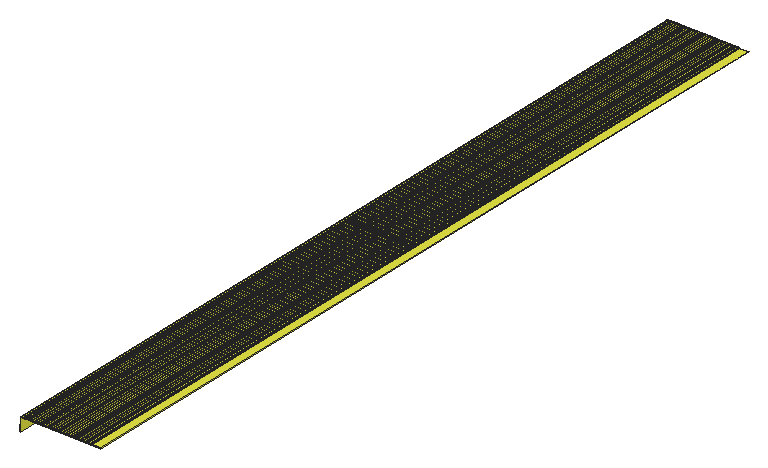
Revit family "111213010058100", category Modelos genéricos, Revit 2018
Family settings
  Puede alojar armadura = No
  Cota de conector redondo = Diámetro de uso
  Tipo de pieza = Normal
  Se basa en plano de trabajo = No
  Siempre vertical = No
  Corte con vacíos al cargar = No
  Compartido = No
  Punto de cálculo de habitación = No
Parameters (values of type "GRADA NEO PVC 300X50MM AMARILLO TIRA 3.00")
  Ventajas = "Autoextinguible"
  Uso = "Fabricado en PVC, ideal para zonas de medio y alto trafico, con estrías\r\nantideslizantes. Ideal para: Edificios Públicos y Privados, Colegios, Universidades, Centros\r\ncomerciales, Aeropuertos, Hoteles, Edificios Habitacionales, entre otros."
  Unidad = "Tiras de 1.20 Mts y 3.00 Mts."
  URL = "https://www.empresascnp.cl/"
  Num SKUs = "111213010058100"
  Nombre SKU = "GRADA NEO PVC 300X50MM AMARILLO TIRA 3MT"
  Modelo = "GRADA NEO PVC 300X50MM"
  Material = PVC flexible amarillo
  Url Ficha tecnica = "https://empresascnp.cl/wp-content/uploads//pdf/ficha-tecnica-grada-neo-pvc-300x50mm-negro-tira-1-2mt.pdf"
  Largo = 3000.00 mm
  Espesor = 2.00 mm
  Empresa = "CNP SPA."
  Dureza = "80 shore A"
  Dimension = 300.00 mm
  Descripción = "Grada Neo 300x50 MM."
  Contacto = "info@empresascnp.cl"
  Color = "AMARILLO"
  Aplicacion = "Escaleras"
  Alto = 50.00 mm
Reference planes
  plane 1 "Center F/B": y = 0
  plane 2: z = 0
  plane 3 "Center L/R": x = 0
  plane 4: z = -50
  plane 5 "2": y = 1500
  plane 6 "3": y = -1500
  plane 7: x = 300
  plane 8: z = -2
  plane 9 "4": x = 2
Forms (mm)
  Extrusion 1, solid, material "PVC flexible amarillo" <- "Material"
    sketch origin (0, 0, 0) x (1, 0, 0) y (0, 0, 1)
      loop
        line (300, 0) -> (270, 0) -> (270, -0.79) -> (266, -0.79) -> (266, 0) -> (264, 0) -> (264, -0.79) -> (263, -0.79) -> (263, 0) -> (261, 0) -> (261, -0.79) -> (260, -0.79) -> (260, 0) -> (258, 0) -> (258, -0.79) -> (257, -0.79) -> (257, 0) -> (255, 0) -> (255, -0.79) -> (251, -0.79) -> (251, 0) -> (249, 0) -> (249, -0.79) -> (248, -0.79) -> (248, 0) -> (246, 0) -> (246, -0.79) -> (245, -0.79) -> (245, 0) -> (243, 0) -> (243, -0.79) -> (242, -0.79) -> (242, 0) -> (240, 0) -> (240, -0.79) -> (236, -0.79) -> (236, 0) -> (234, 0) -> (234, -0.79) -> (233, -0.79) -> (233, 0) -> (231, 0) -> (231, -0.79) -> (230, -0.79) -> (230, 0) -> (228, 0) -> (228, -0.79) -> (227, -0.79) -> (227, 0) -> (225, 0) -> (225, -0.79) -> (221, -0.79) -> (221, 0) -> (219, 0) -> (219, -0.79) -> (218, -0.79) -> (218, 0) -> (216, 0) -> (216, -0.79) -> (215, -0.79) -> (215, 0) -> (213, 0) -> (213, -0.79) -> (212, -0.79) -> (212, 0) -> (210, 0) -> (210, -0.79) -> (206, -0.79) -> (206, 0) -> (204, 0) -> (204, -0.79) -> (203, -0.79) -> (203, 0) -> (201, 0) -> (201, -0.79) -> (200, -0.79) -> (200, 0) -> (198, 0) -> (198, -0.79) -> (197, -0.79) -> (197, 0) -> (195, 0) -> (195, -0.79) -> (191, -0.79) -> (191, 0) -> (189, 0) -> (189, -0.79) -> (188, -0.79) -> (188, 0) -> (186, 0) -> (186, -0.79) -> (185, -0.79) -> (185, 0) -> (183, 0) -> (183, -0.79) -> (182, -0.79) -> (182, 0) -> (180, 0) -> (180, -0.79) -> (176, -0.79) -> (176, 0) -> (174, 0) -> (174, -0.79) -> (173, -0.79) -> (173, 0) -> (171, 0) -> (171, -0.79) -> (170, -0.79) -> (170, 0) -> (168, 0) -> (168, -0.79) -> (167, -0.79) -> (167, 0) -> (165, 0) -> (165, -0.79) -> (161, -0.79) -> (161, 0) -> (159, 0) -> (159, -0.79) -> (158, -0.79) -> (158, 0) -> (156, 0) -> (156, -0.79) -> (155, -0.79) -> (155, 0) -> (153, 0) -> (153, -0.79) -> (152, -0.79) -> (152, 0) -> (150, 0) -> (150, -0.79) -> (146, -0.79) -> (146, 0) -> (144, 0) -> (144, -0.79) -> (143, -0.79) -> (143, 0) -> (141, 0) -> (141, -0.79) -> (140, -0.79) -> (140, 0) -> (138, 0) -> (138, -0.79) -> (137, -0.79) -> (137, 0) -> (135, 0) -> (135, -0.79) -> (131, -0.79) -> (131, 0) -> (129, 0) -> (129, -0.79) -> (128, -0.79) -> (128, 0) -> (126, 0) -> (126, -0.79) -> (125, -0.79) -> (125, 0) -> (123, 0) -> (123, -0.79) -> (122, -0.79) -> (122, 0) -> (120, 0) -> (120, -0.79) -> (116, -0.79) -> (116, 0) -> (114, 0) -> (114, -0.79) -> (113, -0.79) -> (113, 0) -> (111, 0) -> (111, -0.79) -> (110, -0.79) -> (110, 0) -> (108, 0) -> (108, -0.79) -> (107, -0.79) -> (107, 0) -> (105, 0) -> (105, -0.79) -> (101, -0.79) -> (101, 0) -> (99, 0) -> (99, -0.79) -> (98, -0.79) -> (98, 0) -> (96, 0) -> (96, -0.79) -> (95, -0.79) -> (95, 0) -> (93, 0) -> (93, -0.79) -> (92, -0.79) -> (92, 0) -> (90, 0) -> (90, -0.79) -> (86, -0.79) -> (86, 0) -> (84, 0) -> (84, -0.79) -> (83, -0.79) -> (83, 0) -> (81, 0) -> (81, -0.79) -> (80, -0.79) -> (80, 0) -> (78, 0) -> (78, -0.79) -> (77, -0.79) -> (77, 0) -> (75, 0) -> (75, -0.79) -> (71, -0.79) -> (71, 0) -> (69, 0) -> (69, -0.79) -> (68, -0.79) -> (68, 0) -> (66, 0) -> (66, -0.79) -> (65, -0.79) -> (65, 0) -> (63, 0) -> (63, -0.79) -> (62, -0.79) -> (62, 0) -> (60, 0) -> (60, -0.79) -> (56, -0.79) -> (56, 0) -> (54, 0) -> (54, -0.79) -> (53, -0.79) -> (53, 0) -> (51, 0) -> (51, -0.79) -> (50, -0.79) -> (50, 0) -> (48, 0) -> (48, -0.79) -> (47, -0.79) -> (47, 0) -> (45, 0) -> (45, -0.79) -> (41, -0.79) -> (41, 0) -> (39, 0) -> (39, -0.79) -> (38, -0.79) -> (38, 0) -> (36, 0) -> (36, -0.79) -> (35, -0.79) -> (35, 0) -> (33, 0) -> (33, -0.79) -> (32, -0.79) -> (32, 0) -> (30, 0) -> (30, -0.79) -> (26, -0.79) -> (26, 0) -> (24, 0) -> (24, -0.79) -> (23, -0.79) -> (23, 0) -> (21, 0) -> (21, -0.79) -> (20, -0.79) -> (20, 0) -> (18, 0) -> (18, -0.79) -> (17, -0.79) -> (17, 0) -> (15, 0) -> (15, -0.79) -> (11, -0.79) -> (11, 0) -> (3, 0)
        arc (3, 0) -> (0.879, -0.879) -> (0, -3) r 3
        line (0, -3) -> (0, -50) -> (2, -50) -> (2, -3)
        arc (2, -3) -> (2.293, -2.293) -> (3, -2) r 1
        line (3, -2) -> (300, -2) -> (300, 0)
    from -1500 to 1500
Dimensions and locks
  "Alto": level to plane 4
  equal spacing: plane 6 "3", plane 1 "Center F/B", plane 5 "2"
  "Largo": plane 6 "3" to plane 5 "2"
  "Dimension": plane 7 to plane 3 "Center L/R"
  "Espesor": plane 2 to Extrusion 1 sketch curve
  "Espesor": Extrusion 1 sketch curve to plane 3 "Center L/R"
  aligned and locked: plane 6 "3" to Extrusion 1
  aligned and locked: Extrusion 1 to plane 5 "2"
  aligned and locked: Extrusion 1 sketch curve to plane 3 "Center L/R"
  aligned and locked: plane 2 to Extrusion 1 sketch curve
  aligned and locked: Extrusion 1 sketch curve to plane 7
  aligned and locked: plane 4 to Extrusion 1 sketch curve
Automatic sketch dimensions
  Extrusion 1 sketch curve to Extrusion 1 sketch curve = 0.00 mm  (x2)
  Extrusion 1 sketch curve to level = 0.00 mm  (x68)
  plane 9 "4" to Extrusion 1 sketch curve = 1.00 mm
  Extrusion 1 sketch curve to level = 0.79 mm  (x69)
  Extrusion 1 sketch curve to Extrusion 1 sketch curve = 8.00 mm
  Extrusion 1 sketch curve to Extrusion 1 sketch curve = 4.00 mm  (x18)
  Extrusion 1 sketch curve to Extrusion 1 sketch curve = 2.00 mm  (x68)
  Extrusion 1 sketch curve to Extrusion 1 sketch curve = 1.00 mm  (x51)
